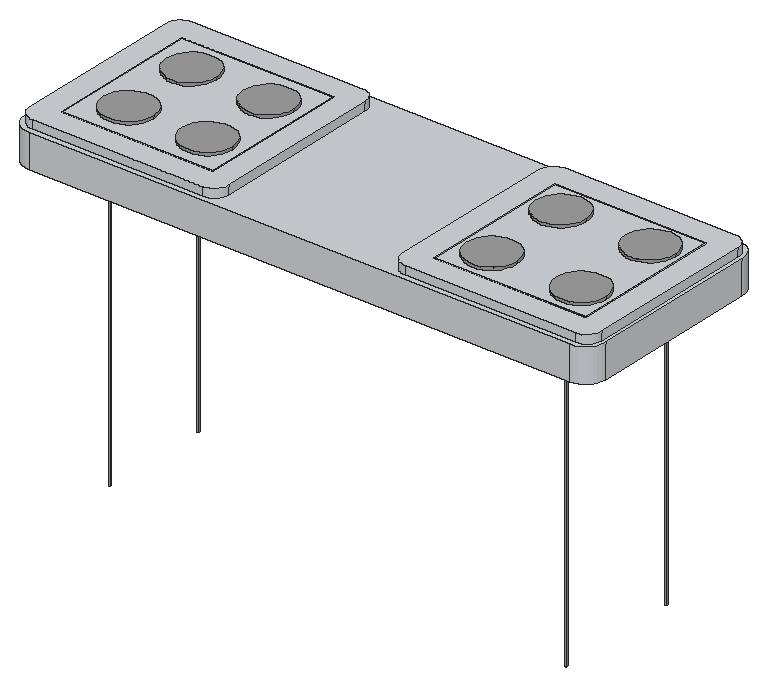
Revit family "Lighting-Industrial-GEWISS-SMART[4]HE_HIGHBAYS-LED_2M", category Apparecchi per illuminazione, Revit 2019
Family settings
  Quota connettore circolare = Usa diametro
  Tipo di parte = Normale
  Numero OmniClass = 23.80.70.00
  Titolo OmniClass = Lighting
  Basato su piano di lavoro = Sì
  Sempre verticale = No
  Taglio con vuoti quando caricato = No
  Sorgente d'illuminazione = No
  Condiviso = No
  Punto di calcolo locali = No
Parameters (values of type "GWS4222AQ857 - SMART4HB 2M C.PAS.ON/OFF ELL.57K")
  Wiring = "With GW connect watertight connector"
  Weight (kg): = "6,5"
  Warranty = "5 years"
  Voltaggio = 230 V
  Version file RFA = "20.11"
  Unique digital code (Datamatrix) = "Datamatrix"
  Unified Glare Rating = "-"
  URL = "https://www.gewiss.com/ww/en"
  Type of light source = "LED - Not replaceable"
  Tilt- = "With bracket accessory"
  Technical sheet = "https://www.gewiss.com/ww/en/search?q=GWS4222AQ857"
  System power = "95W"
  Supply voltage = "220 - 240 V"
  Stocking temperature = "-40 +70 °C"
  Standards and approvals = "-"
  Standard- = "EN 60598-1 ; EN 60598-2-1 ; EN 60598-2-24"
  Standard Deviation Colour Matching = "SDCM = 3"
  Spostamento_y_etichetta [instance] = 0 mm
  Spostamento_y_effettivo_etichetta [instance] = 1500 mm - Spostamento_y_etichetta  # 1500 mm
  Spostamento_x_etichetta [instance] = 0 mm
  Spostamento_X_effettivo_etichetta [instance] = 1500 mm - Spostamento_x_etichetta  # 1500 mm
  Shock resistance = "IK08"
  Shield type = "Tempered glass Thickness 4mm"
  SEO = "High bay"
  Realized by GEWISS S.p.A. = ""
  Rated frequency (Hz) = "50/60 Hz"
  Produttore = "GEWISS S.p.A."
  Photobiological Risk Class = "RG0"
  Overvoltage protection = "DM 6kV / CM 6kV"
  Optic and illuminating features = "-"
  Optic Maintenance = "Non-replaceable"
  Optic : = "Metallic PC reflector and PMMA lenses"
  Optic = "Elliptical"
  Operating temperature : = "-30°C ÷ +50 °C"
  Offset etichetta W [instance] = 150 mm
  Mouting and installation = "Ceiling - Wallmounting - Suspension"
  Modello = "GWS4222AQ857"
  Maximum surface exposed to the wind : = "0,184 m²"
  Materials = "-"
  Luminaire = "LED Industrial Reflector "
  Lumen output (lm) = "12300"
  Locking Hook = "-"
  Lifetime = "L90B10 (Tq+25°C) = 70.000 h - L90B10 (Tq+50°C) = 35.000 h"
  Lampada = "LED"
  LED Maintenance = "Non-replaceable"
  Insulation class = "I"
  Installationa and maintenance = "-"
  Immagine tipo = GWL1311.jpg
  IPEA = "-"
  IP degree = "IP66"
  IFC.TypeObject = ""
  IFC.ExportType = ""
  IFC.ExportAs = ""
  IDT = "170d63836ef34e7a91627e9879a3eea4"
  IDF = "024dbe20-8244-495a-a889-af2c2a435427"
  Glow Wire Test : = "850 °C"
  General information = "-"
  Gasket = "anti-aging silicone"
  Fixing = "-"
  External screw = "Stainless steel"
  Etichetta wattaggio [instance] = yes
  Trasformatore = none
  Struttura plafoniera = none
  Spessore plafoniera = 40 mm  # constant formula
  Default Elevation = 1219.2 mm  # constant formula
  Proiettsmart2_simb [instance] = yes
  Plafoniera bidimensionale [instance] = not(Proiettsmart2_simb)  # no
  Eletrical and lighting features = "-"
  Electrocod = "2444"
  Efficiency (lm/W) = "129"
  Driver Box = "Built-in"
  Driver = "Included"
  Device with reduced surface temperature = "Yes"
  Descrizione = "SMART[4]HB 2M C.PAS.ON/OFF ELL.57K"
  DIN 18032-3 certification = "With Bracket - Rope Kit + terminal&nbsp;(in approval)"
  Control System : = "ON / OFF"
  Control System = "ON / OFF"
  Context = "Lighting for industries and sports facilities"
  Commenti sul wattaggio = "97W"
  Colour temperature = "5700K"
  Colour : = "Grey RAL 7035"
  Colour = "Grey RAL 7035"
  Color Rendering Index = "CRI-80"
  Classificazione = Lighting
  Classification: = "-"
  Catalogue = "LIGHTING"
  Carico apparente = 97 VA
  Motore = none
  Mascherina = none
  Lunghezza = 699 mm  # constant formula
  Larghezza = 254 mm  # constant formula
  Distanza_tot_plafoniera [instance] = 350 mm
  Dist_sorg_lum = 10 mm  # constant formula
  COBie.Tagnumber = ""
  COBie.CreatedOn = ""
  COBie.CreatebBy = ""
  COBie.ComponentRegisterItemID = ""
  COBie.Component.TagNumber = ""
  COBie.Component.Space = ""
  COBie.Component.SerialNumber = ""
  COBie.Component.InstallationDate = ""
  COBie.Component.Description = ""
  COBie.Component.BarCode = ""
  Body = "PA6 \"Halogen Free\" loaded fibreglass"
  Application = "Internal"
Types (36, lengths in mm): name | Unified Glare Rating | Technical sheet | SEO | Optic : | Optic | Modello | Lumen output (lm) | IDT | Efficiency (lm/W) | Descrizione | Colour temperature
  GWS4220AA830 - SMART4HB 2M ST.AL.ON/OFF ARR.30K | "UGR - 25" | "https://www.gewiss.com/ww/en/search?q=GWS4220AA830" | "" | "Metallized polycarbonate reflector" | "Array" | "GWS4220AA830" | "13200" | "909c959e5ee34a73978c0658d7b8fa9c" | "139" | "SMART[4]HB 2M ST.AL.ON/OFF ARR.30K" | "3000K"
  GWS4220AA840 - SMART4HB 2M ST.AL.ON/OFF ARR.40K | "UGR - 25" | "https://www.gewiss.com/ww/en/search?q=GWS4220AA840" | "" | "Metallized polycarbonate reflector" | "Array" | "GWS4220AA840" | "13800" | "b99ce93c283945be962379751cfa1cd1" | "145" | "SMART[4]HB 2M ST.AL.ON/OFF ARR.40K" | "4000K"
  GWS4220AA857 - SMART4HB 2M ST.AL.ON/OFF ARR.57K | "UGR - 25" | "https://www.gewiss.com/ww/en/search?q=GWS4220AA857" | "" | "Metallized polycarbonate reflector" | "Array" | "GWS4220AA857" | "13800" | "08ddeba14dd34ec48ad19a404a8ed049" | "145" | "SMART[4]HB 2M ST.AL.ON/OFF ARR.57K" | "5700K"
  GWS4220AC830 - SMART4HB 2M ST.AL.ON/OFF ASI.30K | "-" | "https://www.gewiss.com/ww/en/search?q=GWS4220AC830" | "High bay" | "Metallic PC reflector and PMMA lenses" | "Asymmetrical" | "GWS4220AC830" | "11900" | "9edc84edb8734934976729f48eb90ee1" | "125" | "SMART[4]HB 2M ST.AL.ON/OFF ASI.30K" | "3000K"
  GWS4220AC840 - SMART4HB 2M ST.AL.ON/OFF ASI.40K | "-" | "https://www.gewiss.com/ww/en/search?q=GWS4220AC840" | "High bay" | "Metallic PC reflector and PMMA lenses" | "Asymmetrical" | "GWS4220AC840" | "12500" | "49df5d2af8f74bfa8041ae6a49bf4586" | "132" | "SMART[4]HB 2M ST.AL.ON/OFF ASI.40K" | "4000K"
  GWS4220AC857 - SMART4HB 2M ST.AL.ON/OFF ASI.57K | "-" | "https://www.gewiss.com/ww/en/search?q=GWS4220AC857" | "High bay" | "Metallic PC reflector and PMMA lenses" | "Asymmetrical" | "GWS4220AC857" | "12500" | "5d1b038a90c04fb8be3fd75fe1d3e819" | "132" | "SMART[4]HB 2M ST.AL.ON/OFF ASI.57K" | "5700K"
  GWS4220AF830 - SMART4HB 2M ST.AL.ON/OFF 30° 30K | "UGR - 19" | "https://www.gewiss.com/ww/en/search?q=GWS4220AF830" | "" | "Metallic PC reflector and PMMA lenses" | "30°" | "GWS4220AF830" | "13000" | "61dd8d8d51a44a23bf07bd61f60f6f3f" | "137" | "SMART[4]HB 2M ST.AL.ON/OFF 30° 30K" | "3000K"
  GWS4220AF840 - SMART4HB 2M ST.AL.ON/OFF 30° 40K | "UGR - 19" | "https://www.gewiss.com/ww/en/search?q=GWS4220AF840" | "" | "Metallic PC reflector and PMMA lenses" | "30°" | "GWS4220AF840" | "13700" | "e9b235211b2a41639c4368d8299004d1" | "144" | "SMART[4]HB 2M ST.AL.ON/OFF 30° 40K" | "4000K"
  GWS4220AF857 - SMART4HB 2M ST.AL.ON/OFF 30° 57K | "UGR - 19" | "https://www.gewiss.com/ww/en/search?q=GWS4220AF857" | "" | "Metallic PC reflector and PMMA lenses" | "30°" | "GWS4220AF857" | "13700" | "d6b035de54d04cc6bc369c6633f0c560" | "144" | "SMART[4]HB 2M ST.AL.ON/OFF 30° 57K" | "5700K"
  GWS4220AH830 - SMART4HB 2M ST.AL.ON/OFF 60° 30K | "UGR - 22" | "https://www.gewiss.com/ww/en/search?q=GWS4220AH830" | "" | "Metallic PC reflector and PMMA lenses" | "60°" | "GWS4220AH830" | "13100" | "72bb100377654f379b6f7bb8f2496c3c" | "138" | "SMART[4]HB 2M ST.AL.ON/OFF 60° 30K" | "3000K"
  GWS4220AH840 - SMART4HB 2M ST.AL.ON/OFF 60° 40K | "UGR - 22" | "https://www.gewiss.com/ww/en/search?q=GWS4220AH840" | "" | "Metallic PC reflector and PMMA lenses" | "60°" | "GWS4220AH840" | "13800" | "f6ef5c6a63aa43fb94216a32b4a2e7ab" | "145" | "SMART[4]HB 2M ST.AL.ON/OFF 60° 40K" | "4000K"
  GWS4220AH857 - SMART4HB 2M ST.AL.ON/OFF 60° 57K | "UGR - 22" | "https://www.gewiss.com/ww/en/search?q=GWS4220AH857" | "" | "Metallic PC reflector and PMMA lenses" | "60°" | "GWS4220AH857" | "13800" | "a44a6359c5864d4aab309d526372c432" | "145" | "SMART[4]HB 2M ST.AL.ON/OFF 60° 57K" | "5700K"
  GWS4220AP830 - SMART4HB 2M ST.AL.ON/OFF 90° 30K | "UGR - 22" | "https://www.gewiss.com/ww/en/search?q=GWS4220AP830" | "" | "Metallic PC reflector and PMMA lenses" | "90°" | "GWS4220AP830" | "13300" | "bf464ac9d52c432c8c17e7c51990d2bc" | "140" | "SMART[4]HB 2M ST.AL.ON/OFF 90° 30K" | "3000K"
  GWS4220AP840 - SMART4HB 2M ST.AL.ON/OFF 90° 40K | "UGR - 22" | "https://www.gewiss.com/ww/en/search?q=GWS4220AP840" | "" | "Metallic PC reflector and PMMA lenses" | "90°" | "GWS4220AP840" | "13900" | "7da40a1d5a0e4d62b1d5f445b9c24c66" | "146" | "SMART[4]HB 2M ST.AL.ON/OFF 90° 40K" | "4000K"
  GWS4220AP857 - SMART4HB 2M ST.AL.ON/OFF 90° 57K | "UGR - 22" | "https://www.gewiss.com/ww/en/search?q=GWS4220AP857" | "" | "Metallic PC reflector and PMMA lenses" | "90°" | "GWS4220AP857" | "13900" | "511523e1daf94dafa8707c36f5c464d6" | "146" | "SMART[4]HB 2M ST.AL.ON/OFF 90° 57K" | "5700K"
  GWS4220AQ830 - SMART4HB 2M ST.AL.ON/OFF ELL.30K | "-" | "https://www.gewiss.com/ww/en/search?q=GWS4220AQ830" | "High bay" | "Metallic PC reflector and PMMA lenses" | "Elliptical" | "GWS4220AQ830" | "11800" | "ea8d3067ed29483faacf5af79551e40d" | "124" | "SMART[4]HB 2M ST.AL.ON/OFF ELL.30K" | "3000K"
  GWS4220AQ840 - SMART4HB 2M ST.AL.ON/OFF ELL.40K | "-" | "https://www.gewiss.com/ww/en/search?q=GWS4220AQ840" | "High bay" | "Metallic PC reflector and PMMA lenses" | "Elliptical" | "GWS4220AQ840" | "12300" | "bd120dbcde1c4e74b3a04504042c3475" | "129" | "SMART[4]HB 2M ST.AL.ON/OFF ELL.40K" | "4000K"
  GWS4220AQ857 - SMART4HB 2M ST.AL.ON/OFF ELL.57K | "-" | "https://www.gewiss.com/ww/en/search?q=GWS4220AQ857" | "High bay" | "Metallic PC reflector and PMMA lenses" | "Elliptical" | "GWS4220AQ857" | "12300" | "a808295e549f408f926acf69054d720b" | "129" | "SMART[4]HB 2M ST.AL.ON/OFF ELL.57K" | "5700K"
  GWS4222AA830 - SMART4HB 2M C.PAS.ON/OFF ARR.30K | "UGR - 25" | "https://www.gewiss.com/ww/en/search?q=GWS4222AA830" | "" | "Metallized polycarbonate reflector" | "Array" | "GWS4222AA830" | "13200" | "359a792dbd5b45d7ba18c6bf2c13c344" | "139" | "SMART[4]HB 2M C.PAS.ON/OFF ARR.30K" | "3000K"
  GWS4222AA840 - SMART4HB 2M C.PAS.ON/OFF ARR.40K | "UGR - 25" | "https://www.gewiss.com/ww/en/search?q=GWS4222AA840" | "" | "Metallized polycarbonate reflector" | "Array" | "GWS4222AA840" | "13800" | "2fc819afbbc34a4cb8c524df72af2b8f" | "145" | "SMART[4]HB 2M C.PAS.ON/OFF ARR.40K" | "4000K"
  GWS4222AA857 - SMART4HB 2M C.PAS.ON/OFF ARR.57K | "UGR - 25" | "https://www.gewiss.com/ww/en/search?q=GWS4222AA857" | "" | "Metallized polycarbonate reflector" | "Array" | "GWS4222AA857" | "13800" | "f54190638bd54d368d78a9d7c842a842" | "145" | "SMART[4]HB 2M C.PAS.ON/OFF ARR.57K" | "5700K"
  GWS4222AC830 - SMART4HB 2M C.PAS.ON/OFF ASI.30K | "-" | "https://www.gewiss.com/ww/en/search?q=GWS4222AC830" | "High bay" | "Metallic PC reflector and PMMA lenses" | "Asymmetrical" | "GWS4222AC830" | "11900" | "b1d4816a583b47818f17c6cd7c29128d" | "125" | "SMART[4]HB 2M C.PAS.ON/OFF ASI.30K" | "3000K"
  GWS4222AC840 - SMART4HB 2M C.PAS.ON/OFF ASI.40K | "-" | "https://www.gewiss.com/ww/en/search?q=GWS4222AC840" | "High bay" | "Metallic PC reflector and PMMA lenses" | "Asymmetrical" | "GWS4222AC840" | "12500" | "76bc2f22f9304d0dbfb88daeb3179059" | "132" | "SMART[4]HB 2M C.PAS.ON/OFF ASI.40K" | "4000K"
  GWS4222AC857 - SMART4HB 2M C.PAS.ON/OFF ASI.57K | "-" | "https://www.gewiss.com/ww/en/search?q=GWS4222AC857" | "High bay" | "Metallic PC reflector and PMMA lenses" | "Asymmetrical" | "GWS4222AC857" | "12500" | "3c358a4a499d40c888be050dee7cc99f" | "132" | "SMART[4]HB 2M C.PAS.ON/OFF ASI.57K" | "5700K"
  GWS4222AF830 - SMART4HB 2M C.PAS.ON/OFF 30° 30K | "UGR - 19" | "https://www.gewiss.com/ww/en/search?q=GWS4222AF830" | "" | "Metallic PC reflector and PMMA lenses" | "30°" | "GWS4222AF830" | "13000" | "1555e6eea73c4150abf4e341428ca2ca" | "137" | "SMART[4]HB 2M C.PAS.ON/OFF 30° 30K" | "3000K"
  GWS4222AF840 - SMART4HB 2M C.PAS.ON/OFF 30° 40K | "UGR - 19" | "https://www.gewiss.com/ww/en/search?q=GWS4222AF840" | "" | "Metallic PC reflector and PMMA lenses" | "30°" | "GWS4222AF840" | "13700" | "20590757439245ecbabbf703c9eff47f" | "144" | "SMART[4]HB 2M C.PAS.ON/OFF 30° 40K" | "4000K"
  GWS4222AF857 - SMART4HB 2M C.PAS.ON/OFF 30° 57K | "UGR - 19" | "https://www.gewiss.com/ww/en/search?q=GWS4222AF857" | "" | "Metallic PC reflector and PMMA lenses" | "30°" | "GWS4222AF857" | "13700" | "ab33e09400384dd9be81c4301277268b" | "144" | "SMART[4]HB 2M C.PAS.ON/OFF 30° 57K" | "5700K"
  GWS4222AH830 - SMART4HB 2M C.PAS.ON/OFF 60° 30K | "UGR - 22" | "https://www.gewiss.com/ww/en/search?q=GWS4222AH830" | "" | "Metallic PC reflector and PMMA lenses" | "60°" | "GWS4222AH830" | "13100" | "4eb8e6aae6034619a1e25233dc603211" | "138" | "SMART[4]HB 2M C.PAS.ON/OFF 60° 30K" | "3000K"
  GWS4222AH840 - SMART4HB 2M C.PAS.ON/OFF 60° 40K | "UGR - 22" | "https://www.gewiss.com/ww/en/search?q=GWS4222AH840" | "" | "Metallic PC reflector and PMMA lenses" | "60°" | "GWS4222AH840" | "13800" | "2c3a4b5ec68d4597b8961eb2d97d7b19" | "145" | "SMART[4]HB 2M C.PAS.ON/OFF 60° 40K" | "4000K"
  GWS4222AH857 - SMART4HB 2M C.PAS.ON/OFF 60° 57K | "UGR - 22" | "https://www.gewiss.com/ww/en/search?q=GWS4222AH857" | "" | "Metallic PC reflector and PMMA lenses" | "60°" | "GWS4222AH857" | "13800" | "045e0f5b930b4ace98da397f64e1c898" | "145" | "SMART[4]HB 2M C.PAS.ON/OFF 60° 57K" | "5700K"
  GWS4222AP830 - SMART4HB 2M C.PAS.ON/OFF 90° 30K | "UGR - 22" | "https://www.gewiss.com/ww/en/search?q=GWS4222AP830" | "" | "Metallic PC reflector and PMMA lenses" | "90°" | "GWS4222AP830" | "13300" | "81da5dfd97944c6ca9dc3b25654faba8" | "140" | "SMART[4]HB 2M C.PAS.ON/OFF 90° 30K" | "3000K"
  GWS4222AP840 - SMART4HB 2M C.PAS.ON/OFF 90° 40K | "UGR - 22" | "https://www.gewiss.com/ww/en/search?q=GWS4222AP840" | "" | "Metallic PC reflector and PMMA lenses" | "90°" | "GWS4222AP840" | "13900" | "455c8060d0f548a494842fd8a49aed83" | "146" | "SMART[4]HB 2M C.PAS.ON/OFF 90° 40K" | "4000K"
  GWS4222AP857 - SMART4HB 2M C.PAS.ON/OFF 90° 57K | "UGR - 22" | "https://www.gewiss.com/ww/en/search?q=GWS4222AP857" | "" | "Metallic PC reflector and PMMA lenses" | "90°" | "GWS4222AP857" | "13900" | "8da277c3e75a4062988af1604c61139a" | "146" | "SMART[4]HB 2M C.PAS.ON/OFF 90° 57K" | "5700K"
  GWS4222AQ830 - SMART4HB 2M C.PAS.ON/OFF ELL.30K | "-" | "https://www.gewiss.com/ww/en/search?q=GWS4222AQ830" | "High bay" | "Metallic PC reflector and PMMA lenses" | "Elliptical" | "GWS4222AQ830" | "11800" | "0634d9e16b164f39ae53b49306325cad" | "124" | "SMART[4]HB 2M C.PAS.ON/OFF ELL.30K" | "3000K"
  GWS4222AQ840 - SMART4HB 2M C.PAS.ON/OFF ELL.40K | "-" | "https://www.gewiss.com/ww/en/search?q=GWS4222AQ840" | "High bay" | "Metallic PC reflector and PMMA lenses" | "Elliptical" | "GWS4222AQ840" | "12300" | "0cf7837ea6a444e190b0871f37445039" | "129" | "SMART[4]HB 2M C.PAS.ON/OFF ELL.40K" | "4000K"
  GWS4222AQ857 - SMART4HB 2M C.PAS.ON/OFF ELL.57K | "-" | "https://www.gewiss.com/ww/en/search?q=GWS4222AQ857" | "High bay" | "Metallic PC reflector and PMMA lenses" | "Elliptical" | "GWS4222AQ857" | "12300" | "170d63836ef34e7a91627e9879a3eea4" | "129" | "SMART[4]HB 2M C.PAS.ON/OFF ELL.57K" | "5700K"
Reference planes
  plane 1 "Asse sorgente illuminazione (F/B)": y = 0
  plane 2: z = 0
  plane 3 "Asse sorgente illuminazione (L/R)": x = 0
  plane 4 "Prospetto sorgente di illuminazione": z = 1500
  plane 5: x = -349.5
  plane 6: y = 127
  plane 7: x = 349.5
  plane 8: y = -127
  plane 9: x = 344.5
  plane 10: x = -344.5
  plane 11: x = -104.5
  plane 12: x = 104.5
  plane 13: y = -1500
  plane 14: z = 390
  plane 15: z = 390
  plane 16: z = 400
  plane 17: z = 350
  plane 18: y = 0
  plane 19: x = -1500
  plane 20: x = 0
Dimensions and locks
  equal spacing: plane 6, plane 1 "Asse sorgente illuminazione (F/B)", plane 8
  "Larghezza": plane 6 to plane 8
  equal spacing: plane 5, plane 3 "Asse sorgente illuminazione (L/R)", plane 7
  "Lunghezza": plane 5 to plane 7
  locked: plane 5 to plane 10 at 5
  locked: plane 9 to plane 7 at 5
  locked: plane 16 to plane 14 at 10
  locked: plane 15 to plane 17 at 40
  "Distanza_tot_plafoniera": plane 17 to plane 2
  plane 1 "Asse sorgente illuminazione (F/B)" to plane 13 = 1500 mm
  "Spostamento_y_effettivo_etichetta": plane 18 to plane 13
  plane 19 to plane 3 "Asse sorgente illuminazione (L/R)" = 1500 mm
  "Spostamento_X_effettivo_etichetta": plane 19 to plane 20
  aligned and locked: level to plane 2
  aligned and locked: nested 15 to plane 14
  aligned and locked: plane 14 to nested 16
  aligned and locked: plane 16 to nested 8
  aligned and locked: nested 6 to plane 16
  aligned and locked: plane 16 to nested 7
  aligned and locked: nested 5 to plane 16
  aligned and locked: nested 3 to plane 16
  aligned and locked: plane 16 to nested 1
  aligned and locked: nested 4 to plane 16
  aligned and locked: plane 16 to nested 2
  aligned and locked: nested 11 to plane 2  (x2)
  aligned and locked: nested 10 to plane 2
  aligned and locked: nested 9 to plane 2
  aligned and locked: plane 14 to plane 15
  aligned and locked: plane 17 to nested 14
  aligned and locked: nested 17 to plane 18
  aligned and locked: nested 17 to plane 20
  aligned and locked: plane 2 to nested 18
  aligned and locked: plane 2 to nested 11
Nested families
  nested 1: "Gewis - Led" at (171.717, 52, 403), type "Gewis - Led", detail levels medium+fine
  nested 2: "Gewis - Led" at (279.5, 52, 403), type "Gewis - Led", detail levels medium+fine
  nested 3: "Gewis - Led" at (171.717, -52, 403), type "Gewis - Led", detail levels medium+fine
  nested 4: "Gewis - Led" at (279.5, -52, 403), type "Gewis - Led", detail levels medium+fine
  nested 5: "Gewis - Led" at (-174.5, 45, 403) x (-1, 0, 0) z (0, 0, 1), type "Gewis - Led", detail levels medium+fine
  nested 6: "Gewis - Led" at (-269.5, 47.625, 403) x (-1, 0, 0) z (0, 0, 1), type "Gewis - Led", detail levels medium+fine
  nested 7: "Gewis - Led" at (-174.5, -47.089, 403) x (-1, 0, 0) z (0, 0, 1), type "Gewis - Led", detail levels medium+fine
  nested 8: "Gewis - Led" at (-269.5, -47.089, 403) x (-1, 0, 0) z (0, 0, 1), type "Gewis - Led", detail levels medium+fine
  nested 9: "Sospensione_ SMART LAB 4" at (274.838, 81.5, 0), Altezza sospensione <- "Distanza_tot_plafoniera", type "Sospensione_ SMART LAB 4"
    with Altezza sospensione 350 mm, Default Elevation 350 mm
  nested 10: "Sospensione_ SMART LAB 4" at (274.838, -69, 0), Altezza sospensione <- "Distanza_tot_plafoniera", type "Sospensione_ SMART LAB 4"
    with Altezza sospensione 350 mm, Default Elevation 350 mm
  nested 11: "Sospensione_ SMART LAB 4" at (-276.662, -66.5, 0), Altezza sospensione <- "Distanza_tot_plafoniera", type "Sospensione_ SMART LAB 4"
    with Altezza sospensione 350 mm, Default Elevation 350 mm
  nested 12: "PROIETTSMART - 2" at (0, 0, 0), visible <- "Proiettsmart2_simb", type "PROIETTSMART - 2"
  nested 13: "Rappr_ bidimensionale_SMART (4)  4 + 4 L " at (0, 0, 0), visible <- "Plafoniera bidimensionale", type "SMART (4)  4 + 4 L_bidimensionale "
  nested 14: "Struttura_SMART 4" at (0, 0, 390), type "SMART 4 HB - 4+4L"
  nested 15: "mascherina_SMART (4)" at (-224.5, 0, 400) x (-1, 0, 0) z (0, 0, 1), type "Maschera_smart (4) 4L", detail levels fine
  nested 16: "mascherina_SMART (4)" at (224.5, 0, 400), type "Maschera_smart (4) 4L", detail levels fine
  nested 17: "ETICHETTA LIGHT" at (0, 0, 0), type "ETICHETTA LIGHT"
  nested 18: "Sospensione_ SMART LAB 4" at (-276.662, 66.5, 0), Altezza sospensione <- "Distanza_tot_plafoniera", type "Sospensione_ SMART LAB 4"
    with Altezza sospensione 350 mm, Default Elevation 350 mm
Connectors
  electrical at (0.009, -0.098, 350), driven by "Carico apparente"
    settings: on nested 14, index 1, voltage 230 V, apparent load 0 VA, apparent load phase1 97 VA, apparent load phase2 0 VA, apparent load phase3 0 VA, power factor 1, load classification "Lighting", number of poles 2, system type 31, power factor state 1, is connector primary yes, connector utility no, sub classification motor no, connector description ""
Definition of nested family "Gewis - Led"
  Parameters (values of type "Gewis - Led")
    Vetro = none
    Raggio led = 30 mm
    Default Elevation = 1219.2 mm
    Estensione vetro = 3 mm
  Reference planes
    plane 1 "Centro (Fronte/Retro)": y = 0
    plane 2: z = 0
    plane 3 "Centro (Sinistra/Destra)": x = 0
  Forms (mm)
    Extrusion 1, solid, material <- "Vetro"
      sketch origin (0, 0, 0) x (1, 0, 0) y (0, 1, 0)
        loop
          circle (0, 0) r 30
      from -3 to 0
  Dimensions and locks
    "Estensione vetro": level to Extrusion 1
    "Raggio led": radius of Extrusion 1 sketch curve
    aligned and locked: level to plane 2
    aligned and locked: level to Extrusion 1
  Automatic sketch dimensions
    plane 1 "Centro (Fronte/Retro)" to Extrusion 1 sketch curve = 0 mm
    Extrusion 1 sketch curve to plane 3 "Centro (Sinistra/Destra)" = 0 mm
Definition of nested family "Sospensione_ SMART LAB 4"
  Parameters (values of type "Sospensione_ SMART LAB 4")
    Default Elevation = 400 mm
    Altezza sospensione [instance] = 500 mm
  Reference planes
    plane 1 "Center (Front/Back)": y = 0
    plane 2: z = 0
    plane 3 "Center (Left/Right)": x = 0
    plane 4: z = 500
    plane 5: z = 30.7
  Forms (mm)
    Extrusion 1, solid
      sketch origin (0, 0, 0) x (1, 0, 0) y (0, 1, 0)
        loop
          circle (0, -0.028) r 1.25
      from 0 to 500
  Lines and regions (mm)
    model lines, not visible
      curve 1: line (0, 0, 0) -> (0, 0, 9.482)
  Dimensions and locks
    "Altezza sospensione": plane 4 to level
    plane 2 to plane 4 = 500 mm
    aligned and locked: level to plane 2
    aligned and locked: Extrusion 1 to plane 2
    aligned and locked: plane 4 to Extrusion 1
  Automatic sketch dimensions
    Extrusion 1 sketch curve to plane 3 "Center (Left/Right)" = 0 mm
    plane 1 "Center (Front/Back)" to Extrusion 1 sketch curve = 0.028 mm
    curve 1 to plane 3 "Center (Left/Right)" = 0 mm
    curve 1 to level = 0 mm
    curve 1 to curve 1 = 9.482 mm
    radius of Extrusion 1 sketch curve = 1.25 mm
Definition of nested family "Struttura_SMART 4"
  Parameters (values of type "SMART 4 HB - 4+4L")
    Struttura plafoniera = none
    Spessore_plafoniera = 40 mm
    Lunghezza = 699 mm
    Larghezza = 254 mm
  Types (2, lengths in mm): name | Lunghezza | Larghezza
    SMART Lab (4) 4L | 383 | 253
    SMART 4 HB - 4+4L | 699 | 254
  Reference planes
    plane 1 "Asse sorgente illuminazione (F/B)": y = 0
    plane 2: z = 0
    plane 3 "Asse sorgente illuminazione (L/R)": x = 0
    plane 4 "Prospetto sorgente di illuminazione": z = -40
    plane 5 "SX": x = -349.5
    plane 6 "DX": x = 349.5
    plane 7 "DIETRO": y = 127
    plane 8 "AVANTI": y = -127
    plane 9: x = 106.5
    plane 10: x = 338.5
    plane 11: y = -116
    plane 12: y = 116
    plane 13: x = -338.5
    plane 14: x = -106.5
  Forms (mm)
    Extrusion 1, solid, material <- "Struttura plafoniera"
      sketch origin (0, 0, 0) x (1, 0, 0) y (0, 1, 0)
        loop
          line (349.5, -102.595) -> (349.5, 102.59)
          arc (349.5, 102.59) -> (342.35, 119.85) -> (325.09, 127) r 24.41
          line (325.09, 127) -> (-325.009, 127)
          arc (-325.009, 127) -> (-342.554, 119.6) -> (-349.5, 101.871) r 24.499
          line (-349.5, 101.871) -> (-349.5, -102.592)
          arc (-349.5, -102.592) -> (-342.351, -119.851) -> (-325.092, -127) r 24.408
          line (-325.092, -127) -> (325.117, -127)
          arc (325.117, -127) -> (342.334, -119.868) -> (349.465, -102.652) r 24.348
      from -40 to 0
  Dimensions and locks
    equal spacing: plane 5 "SX", plane 3 "Asse sorgente illuminazione (L/R)", plane 6 "DX"
    equal spacing: plane 7 "DIETRO", plane 1 "Asse sorgente illuminazione (F/B)", plane 8 "AVANTI"
    "Lunghezza": plane 5 "SX" to plane 6 "DX"
    "Larghezza": plane 7 "DIETRO" to plane 8 "AVANTI"
    locked: plane 7 "DIETRO" to plane 12 at 11
    locked: plane 11 to plane 8 "AVANTI" at 11
    locked: plane 10 to plane 6 "DX" at 11
    locked: plane 9 to plane 10 at 232
    plane 13 to plane 14 = 232 mm
    locked: plane 5 "SX" to plane 13 at 11
    "Spessore_plafoniera": plane 2 to plane 4 "Prospetto sorgente di illuminazione"
    aligned and locked: level to plane 2
    aligned and locked: Extrusion 1 to plane 5 "SX"
    aligned and locked: Extrusion 1 to plane 8 "AVANTI"  (x2)
    aligned and locked: plane 7 "DIETRO" to Extrusion 1
    aligned and locked: plane 6 "DX" to Extrusion 1
    aligned and locked: plane 4 "Prospetto sorgente di illuminazione" to Extrusion 1
    aligned and locked: plane 2 to Extrusion 1
  Automatic sketch dimensions
    Extrusion 1 sketch curve to plane 5 "SX" = 0 mm
    Extrusion 1 sketch curve to plane 8 "AVANTI" = 0 mm
    Extrusion 1 sketch curve to plane 7 "DIETRO" = 0 mm
    Extrusion 1 sketch curve to plane 6 "DX" = 0 mm
    plane 13 to Extrusion 1 sketch curve = 13.408 mm
    plane 13 to Extrusion 1 sketch curve = 13.491 mm
    Extrusion 1 sketch curve to plane 10 = 13.41 mm
    Extrusion 1 sketch curve to plane 10 = 13.383 mm
    plane 11 to Extrusion 1 sketch curve = 13.348 mm
    Extrusion 1 sketch curve to plane 12 = 14.129 mm
    Extrusion 1 sketch curve to Extrusion 1 sketch curve = 0.056 mm
Definition of nested family "mascherina_SMART (4)"
  Parameters (values of type "Maschera_smart (4) 4L")
    Spessore_mascherina = 10 mm
    Default Elevation = 1219.2 mm
    N.intarsi = (Lunghezza_mascherina - (Bordo * 2)) / 15 mm  # 12
    N._intarsi verticale = (Larghezza_mascherina - (Bordo * 2)) / 17 mm  # 11
    Mascherina = none
    Lunghezza_mascherina = 240 mm
    Larghezza_mascherina = 240 mm
    Distanza_intarsi v. = 41 mm  # constant formula
    Distanza_intarsi = 37 mm  # constant formula
    Bordo = 29 mm
  Reference planes
    plane 1 "Centro (Fronte/Retro)": y = 0
    plane 2: z = 0
    plane 3 "Centro (Sinistra/Destra)": x = 0
    plane 4: x = -120
    plane 5 "Dietro": y = 120
    plane 6: x = 120
    plane 7: y = -120
    plane 8: x = -91
    plane 9: y = -91
    plane 10: x = 91
    plane 11: y = 91
    plane 12: x = -83
    plane 13: y = 94.742
    plane 14: y = -95
    plane 15: z = -10
    plane 16: x = -95
    plane 17: y = 79
    plane 18: y = -79
    plane 19: x = 95
    plane 20: z = -4.799
  Forms (mm)
    Extrusion 1, solid, material <- "Mascherina"
      sketch origin (0, 0, 0) x (1, 0, 0) y (0, 1, 0)
        loop
          arc (-102.5, 120) -> (-114.874, 114.874) -> (-120, 102.5) r 17.5
          line (-120, 102.5) -> (-120, -102.5)
          arc (-120, -102.5) -> (-114.874, -114.874) -> (-102.5, -120) r 17.5
          line (-102.5, -120) -> (102.5, -120)
          arc (102.5, -120) -> (114.874, -114.874) -> (120, -102.5) r 17.5
          line (120, -102.5) -> (120, 102.5)
          arc (120, 102.5) -> (114.874, 114.874) -> (102.5, 120) r 17.5
          line (102.5, 120) -> (-102.5, 120)
        loop
          line (-91, 91) -> (-91, -91) -> (91, -91) -> (91, 91) -> (-91, 91)
      from -10 to 0
    Extrusion 2, solid, material <- "Mascherina"
      sketch origin (0, 0, 0) x (1, 0, 0) y (0, 1, 0)
        loop
          line (-91, 91) -> (-91, -91) -> (91, -91) -> (91, 91) -> (-91, 91)
      from -4.799 to 0
  Dimensions and locks
    equal spacing: plane 4, plane 3 "Centro (Sinistra/Destra)", plane 6
    "Lunghezza_mascherina": plane 4 to plane 6
    equal spacing: plane 5 "Dietro", plane 1 "Centro (Fronte/Retro)", plane 7
    "Larghezza_mascherina": plane 5 "Dietro" to plane 7
    "Bordo": plane 4 to plane 8
    "Bordo": plane 9 to plane 7
    "Bordo": plane 5 "Dietro" to plane 11
    "Bordo": plane 10 to plane 6
    "Distanza_intarsi": plane 4 to plane 12
    locked: plane 13 to plane 11 at 3.742
    "Spessore_mascherina": plane 2 to plane 15
    "Distanza_intarsi v.": plane 5 "Dietro" to plane 17
    "Distanza_intarsi v.": plane 18 to plane 7
    locked: plane 9 to plane 14 at 4
    locked: plane 16 to plane 8 at 4
    locked: plane 10 to plane 19 at 4
    locked: plane 2 to plane 20 at 4.799
    radius of Extrusion 1 sketch curve = 17.5 mm  (x4)
    aligned and locked: level to plane 2
    aligned and locked: plane 4 to Extrusion 1 sketch curve
    aligned and locked: plane 6 to Extrusion 1 sketch curve
    aligned and locked: Extrusion 1 sketch curve to plane 5 "Dietro"
    aligned and locked: Extrusion 1 sketch curve to plane 7
    aligned and locked: Extrusion 1 sketch curve to plane 11
    aligned and locked: plane 8 to Extrusion 1 sketch curve
    aligned and locked: plane 9 to Extrusion 1 sketch curve
    aligned and locked: Extrusion 1 sketch curve to plane 10
    aligned and locked: plane 2 to Extrusion 1
    aligned and locked: Extrusion 1 to plane 15
    aligned and locked: Extrusion 2 sketch curve to plane 10
    aligned and locked: plane 9 to Extrusion 2 sketch curve
    aligned and locked: plane 8 to Extrusion 2 sketch curve
    aligned and locked: Extrusion 2 sketch curve to plane 11
    aligned and locked: plane 2 to Extrusion 2
    aligned and locked: Extrusion 2 to plane 20
Definition of nested family "PROIETTSMART - 2"
  Reference planes
    plane 1 "Centro (Fronte/Retro)": y = 0
    plane 2: z = 0
    plane 3 "Centro (Sinistra/Destra)": x = 0
  Lines and regions (mm)
    model lines, in view "Livello rif."
      curve 1: line (87.132, -21.515, 0) -> (43.932, -0.008, 0)
      curve 2: line (43.932, -0.008, 0) -> (87.132, 21.758, 0)
      curve 3: line (87.132, 21.758, 0) -> (87.132, -21.515, 0)
      curve 4: line (43.932, 21.629, 0) -> (43.932, -21.645, 0)
      curve 5: line (43.932, -0.008, 0) -> (18.672, -0.008, 0)
      curve 6: line (87.132, 0.122, 0) -> (105.785, 0.122, 0)
      curve 7: line (128.701, 66.747, 0) -> (128.701, -66.747, 0)
      curve 8: line (128.701, -66.747, 0) -> (-131.299, -66.747, 0)
      curve 9: line (-131.299, -66.747, 0) -> (-131.299, 66.747, 0)
      curve 10: line (-131.299, 66.747, 0) -> (128.701, 66.747, 0)
      curve 11: line (12.311, 49.667, 0) -> (111.66, 49.667, 0)
      curve 12: line (111.66, 49.667, 0) -> (111.66, -49.683, 0)
      curve 13: line (111.66, -49.683, 0) -> (12.311, -49.683, 0)
      curve 14: line (12.311, -49.683, 0) -> (12.311, 49.667, 0)
      curve 15: line (-39.438, -21.515, 0) -> (-82.637, -0.008, 0)
      curve 16: line (-82.637, -0.008, 0) -> (-39.438, 21.758, 0)
      curve 17: line (-39.438, 21.758, 0) -> (-39.438, -21.515, 0)
      curve 18: line (-82.637, 21.629, 0) -> (-82.637, -21.645, 0)
      curve 19: line (-82.637, -0.008, 0) -> (-107.898, -0.008, 0)
      curve 20: line (-39.438, 0.122, 0) -> (-20.785, 0.122, 0)
      curve 21: line (-114.259, 49.667, 0) -> (-14.909, 49.667, 0)
      curve 22: line (-14.909, 49.667, 0) -> (-14.909, -49.683, 0)
      curve 23: line (-14.909, -49.683, 0) -> (-114.259, -49.683, 0)
      curve 24: line (-114.259, -49.683, 0) -> (-114.259, 49.667, 0)
Definition of nested family "Rappr_ bidimensionale_SMART (4)  4 + 4 L "
  Reference planes
    plane 1 "Centro (Fronte/Retro)": y = 0
    plane 2: z = 0
    plane 3 "Centro (Sinistra/Destra)": x = 0
  Lines and regions (mm)
    model lines, in view "Livello rif."
      curve 1: circle (175.602, 47.039, 0) r 28.619 normal (0, 0, 1)
      curve 2: circle (269.602, -46.961, 0) r 28.619 normal (0, 0, 1)
      curve 3: circle (175.602, -46.961, 0) r 28.619 normal (0, 0, 1)
      curve 4: circle (269.602, 47.039, 0) r 28.619 normal (0, 0, 1)
      curve 5: arc (103.203, -104.051, 0) -> (107.722, -114.924, 0) -> (118.601, -119.425, 0) r 15.398
      curve 6: arc (-118.547, -119.425, 0) -> (-107.659, -114.915, 0) -> (-103.149, -104.027, 0) r 15.398
      curve 7: arc (-103.149, 103.973, 0) -> (-107.668, 114.87, 0) -> (-118.571, 119.371, 0) r 15.398
      curve 8: arc (-326.571, 119.371, 0) -> (-337.453, 114.844, 0) -> (-341.945, 103.948, 0) r 15.398
      curve 9: arc (-341.945, -104.002, 0) -> (-337.444, -114.906, 0) -> (-326.547, -119.425, 0) r 15.398
      curve 10: arc (326.601, -119.425, 0) -> (337.498, -114.906, 0) -> (342, -104.002, 0) r 15.398
      curve 11: arc (342, 103.998, 0) -> (337.472, 114.878, 0) -> (326.577, 119.371, 0) r 15.398
      curve 12: arc (118.577, 119.371, 0) -> (107.713, 114.861, 0) -> (103.203, 103.997, 0) r 15.398
      curve 13: arc (-349.401, -104, 0) -> (-342.727, -120.168, 0) -> (-326.575, -126.881, 0) r 22.854
      curve 14: arc (-326.574, 126.827, 0) -> (-342.707, 120.133, 0) -> (-349.401, 104, 0) r 22.854
      curve 15: arc (349.455, 104, 0) -> (342.742, 120.152, 0) -> (326.574, 126.827, 0) r 22.854
      curve 16: arc (326.573, -126.881, 0) -> (342.761, -120.187, 0) -> (349.455, -104, 0) r 22.854
      curve 17: circle (-175.548, -47.093, 0) r 28.619 normal (0, 0, 1)
      curve 18: circle (-269.548, 46.907, 0) r 28.619 normal (0, 0, 1)
      curve 19: circle (-175.548, 46.907, 0) r 28.619 normal (0, 0, 1)
      curve 20: circle (-269.548, -47.093, 0) r 28.619 normal (0, 0, 1)
      curve 21: line (130.101, -92.527, 0) -> (130.101, 92.473, 0)
      curve 22: line (130.101, 92.473, 0) -> (315.101, 92.473, 0)
      curve 23: line (315.101, 92.473, 0) -> (315.101, -92.527, 0)
      curve 24: line (315.101, -92.527, 0) -> (130.101, -92.527, 0)
      curve 25: line (103.203, -104.051, 0) -> (103.203, 103.997, 0)
      curve 26: line (118.601, -119.425, 0) -> (326.601, -119.425, 0)
      curve 27: line (-326.547, -119.425, 0) -> (-118.547, -119.425, 0)
      curve 28: line (-103.149, -104.027, 0) -> (-103.149, 103.973, 0)
      curve 29: line (-326.571, 119.371, 0) -> (-118.571, 119.371, 0)
      curve 30: line (-341.945, -104.002, 0) -> (-341.945, 103.948, 0)
      curve 31: line (342, -104.002, 0) -> (342, 103.998, 0)
      curve 32: line (118.577, 119.371, 0) -> (326.577, 119.371, 0)
      curve 33: line (-349.401, -104, 0) -> (-349.401, 104, 0)
      curve 34: line (326.574, 126.827, 0) -> (-326.574, 126.827, 0)
      curve 35: line (349.455, -104, 0) -> (349.455, 104, 0)
      curve 36: line (326.573, -126.881, 0) -> (-326.575, -126.881, 0)
      curve 37: line (-130.047, -92.527, 0) -> (-315.047, -92.527, 0)
      curve 38: line (-315.047, -92.527, 0) -> (-315.047, 92.473, 0)
      curve 39: line (-315.047, 92.473, 0) -> (-130.047, 92.473, 0)
      curve 40: line (-130.047, 92.473, 0) -> (-130.047, -92.527, 0)
Definition of nested family "ETICHETTA LIGHT"
  Parameters (values of type "ETICHETTA LIGHT")
    COMMENTI = "236W"
  Reference planes
    plane 1: y = 0
    plane 2: x = 0
  Text (mm)
    label "COMMENTI" at (-0.057, 0.105, 0), shows "COMMENTI"
